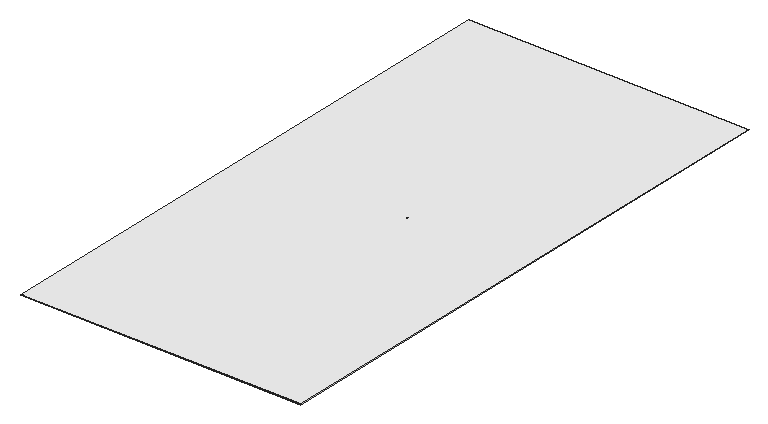
Revit family "Foundation-Barrier-StegoCrawl-Wrap-Vapor_Barrier-15mils", category Specialty Equipment, host Face, Revit 2020
Family settings
  Host = Face
  Round Connector Dimension = Use Diameter
  Part Type = Normal
  OmniClass Number = 23.25.05.21
  OmniClass Title = Special Foundations
  Cut with Voids When Loaded = No
  Shared = No
  Room Calculation Point = No
Parameters (values of type "StegoCrawl® Wrap Perimeter Vapor Barrier 15 mils")
  Youtube clip = "https://www.youtube.com/watch?v=kRCDWuBWivQ"
  Width Max Validate [instance] = if(Width > 14' 0", 14' 0", Width)  # 5' - 0"
  Width [instance] = 5' - 0"
  Weight Net (Kg) = "0"
  Vapor Barrier Thickness = "15 mils"
  Uniformat II Description = ""
  Uniformat II Code = ""
  Uniclass 2015 Name = ""
  Uniclass 2015 Code = ""
  Uniclass 2.0 Description = ""
  Uniclass 2.0 Code = ""
  Uniclass 1.4 Description = ""
  Uniclass 1.4 Code = ""
  URL = "http://www.stegoindustries.com"
  UNSPSC Code = ""
  Type Comments = ""
  Technical description = "Crawl Space Vapor Barrier"
  Stego Vapor Barrier = StegoCrawl® Wrap Vapor Barrier - 15 mils
  Region South America = "CL, PE"
  Region Oceania = "AU, NZ"
  Region North America = "AG, AI, AW, BB, BL, BM, BQ, BS, BZ, CA, CR, CU, CW, DM, DO, GD, GL, GP, GT, HN, HT, JM, KN, KY, LC, MF, MQ, MS, MX, NI, PA, PM, PR, SV, SX, TC, TT, US, VC, VG, VI"
  Region Middle East = "None"
  Region Europe = "None"
  Region Asia = "None"
  Region Antarctica = "None"
  Region Africa = "None"
  QR code = "http://bimobject.com/stego-industries/product/stego007"
  Product url = "https://www.stegoindustries.com/products/stego-crawl-wrap"
  Product group = "StegoCrawl Wrap"
  Product family = "Thermal and Moisture Protective Products"
  Product data url = "https://bimobject.com/stego-industries/product/stego007"
  Product certification = "https://www.stegoindustries.com/contact-us/technical-assistance"
  Product SKU = "stego007"
  Product Page URL = "https://www.stegoindustries.com/products/stego-crawl-wrap"
  Product Guid = "1772a7ce-c4bf-4fda-9263-4d059c3fc038"
  Product Documentation Link = "https://www.stegoindustries.com/hubfs/Data-Sheets/StegoCrawl-Wrap-Vapor-Barrier-Data-Sheet%20.pdf"
  OmniClass Description = ""
  OmniClass Code = ""
  Nominal width = 0' - 0"
  Nominal height = 0' - 0"
  NBS Reference Description = ""
  NBS Reference Code = ""
  Model = "StegoCrawl® Wrap Perimeter Vapor Barrier (15 mils) 2468"
  Max Length Note = "Maximum roll length is 200'."
  Material secondary = ""
  Material main = "Polyethylene"
  Masterformat 2014 Description = "Vapor Retarders"
  Masterformat 2014 Code = "07 26 00"
  Manufacturer name = "Stego Industries, LLC"
  Manufacturer country = "United States"
  Manufacturer = "Stego Industries, LLC"  # constant formula
  Low Emitting Material = yes
  Length [instance] = 10' - 0"
  Installation instructions = "https://www.stegoindustries.com/hubfs/Installation/StegoCrawl-Installation-Instructions.pdf"
  IFC Classification = ""
  Edition number = 1
  EAN code = ""
  Design country = "United States"
  Description = "StegoCrawl® Wrap Perimeter Vapor Barrier utilizes the same industry-leading technology as Stego Wrap Vapor Barrier, but is specifically created for use in crawl spaces. StegoCrawl Wrap 15-Mil Vapor Barrier is a Class I vapor retarder as defined by the 2009 IRC R601.3, and it is used to encapsulate crawl space floors and walls to protect the building envelope from moisture vapor and soil gas transmission.  StegoCrawl Wrap is a multi-layer plastic extrusion manufactured with only the highest grade of prime, virgin polyolefin resins.  This product is 14' x 100' -- a lighter, easier-to-carry roll than our commercial-grade rolls for horizontal placement."
  Default Elevation = 0' - 0"
  Date of publishing = "8/16/2017"
  COBIe Type Category = ""
  Brand url = "http://www.stegoindustries.com"
  BIMobject category = "Waterproofing & Membranes"
  ASTM = "Meets ASTM E1745 Requirements\r\nMeets ASTM E1745 Requirements\r\nMeets ASTM E1745 Requirements"
Types (2): name | Width Max Validate | Width | Stego Vapor Barrier | QR code | Product data url | Product SKU | Model | Max Length Note | Description | ASTM
  StegoCrawl® Wrap Vapor Barrier 15 mils | 14' - 0" | 14' - 0" | none | "http://bimobject.com/stego-industries/product/stego005" | "https://bimobject.com/stego-industries/product/stego005" | "stego005" | "StegoCrawl® Wrap Vapor Barrier (15 mils) 1233" | "Maximum roll length is 100'." | "StegoCrawl® Wrap Vapor Barrier utilizes the same industry-leading technology as Stego Wrap Vapor Barrier, but is specifically created for use in crawl spaces.  StegoCrawl Wrap 15-Mil Vapor Barrier is a Class I vapor retarder as defined by the 2009 IRC R601.3, and it is used to encapsulate crawl space floors and walls to protect the building envelope from moisture vapor and soil gas transmission.  StegoCrawl Wrap is a multi-layer plastic extrusion manufactured with only the highest grade of prime, virgin polyolefin resins." | "Meets ASTM E1745 Requirements"
  StegoCrawl® Wrap Perimeter Vapor Barrier 15 mils | 5' - 0" | 5' - 0" | StegoCrawl® Wrap Vapor Barrier - 15 mils | "http://bimobject.com/stego-industries/product/stego007" | "https://bimobject.com/stego-industries/product/stego007" | "stego007" | "StegoCrawl® Wrap Perimeter Vapor Barrier (15 mils) 2468" | "Maximum roll length is 200'." | "StegoCrawl® Wrap Perimeter Vapor Barrier utilizes the same industry-leading technology as Stego Wrap Vapor Barrier, but is specifically created for use in crawl spaces. StegoCrawl Wrap 15-Mil Vapor Barrier is a Class I vapor retarder as defined by the 2009 IRC R601.3, and it is used to encapsulate crawl space floors and walls to protect the building envelope from moisture vapor and soil gas transmission.  StegoCrawl Wrap is a multi-layer plastic extrusion manufactured with only the highest grade of prime, virgin polyolefin resins.  This product is 14' x 100' -- a lighter, easier-to-carry roll than our commercial-grade rolls for horizontal placement." | "Meets ASTM E1745 Requirements\r\nMeets ASTM E1745 Requirements\r\nMeets ASTM E1745 Requirements"
Reference planes (in)
  plane 1 "Center (Front/Back)": y = 0
  plane 2: z = 0
  plane 3 "Center (Left/Right)": x = 0
  plane 4: x = -84
  plane 5: x = 84
  plane 6: y = 60
  plane 7: x = -24
  plane 8 "Start Roll Length": y = 60
  plane 9 "Left Vapor Barrier": x = -30
  plane 10 "Right Vapor Barrier": x = 30
  plane 11: y = -60
  plane 12: x = 24
Forms (in)
  Extrusion 1, solid
    sketch origin (0, 0, 0) x (1, 0, 0) y (0, 1, 0)
      loop
        line (4.0756, 1) -> (4.0756, 0.95623) -> (4.14801, 0.95623) -> (4.14801, 1) -> (4.0756, 1)
    from 0 to 0.0625
  Extrusion 2, solid, material "StegoCrawl® Wrap Vapor Barrier - 15 mils" <- "Stego Vapor Barrier"
    sketch origin (0, 0, 0) x (1, 0, 0) y (0, 1, 0)
      loop
        line (-30, -60) -> (30, -60) -> (30, 60) -> (-30, 60) -> (-30, -60)
    from 0 to 0.0625
Lines and regions (in)
  Masking region 1
    outline origin (0, 0, 0) x (1, 0, 0) y (0, 1, 0)
      loop
        line (-30, 60) -> (-30, -60) -> (30, -60) -> (30, 60) -> (-30, 60)
  Masking region 2
    outline origin (0, 0, 0) x (1, 0, 0) y (0, 0, 1)
      loop
        line (-30, 0.0625) -> (-30, 0) -> (30, 0) -> (30, 0.0625) -> (-30, 0.0625)
  Masking region 3
    outline origin (0, 0, 0) x (0, 1, 0) y (0, 0, 1)
      loop
        line (60, 0.0625) -> (-60, 0.0625) -> (-60, 0) -> (60, 0) -> (60, 0.0625)
  model lines, style "InvisibleLines", detail levels medium+fine
    curve 1: line (-24, 60, 0) -> (-24, -60, 0)
    curve 2: line (24, 60, 0) -> (24, -60, 0)
Dimensions and locks (in)
  equal spacing: plane 4, plane 3 "Center (Left/Right)", plane 5
  equal spacing: plane 9 "Left Vapor Barrier", plane 3 "Center (Left/Right)", plane 10 "Right Vapor Barrier"
  "Width Max Validate": plane 9 "Left Vapor Barrier" to plane 10 "Right Vapor Barrier"
  locked: plane 9 "Left Vapor Barrier" to plane 7 at 6
  "Length": plane 8 "Start Roll Length" to plane 11
  locked: plane 12 to plane 10 "Right Vapor Barrier" at 6
  aligned and locked: plane 2 to Extrusion 1
  aligned and locked: level to Extrusion 1
  aligned and locked: Extrusion 2 sketch curve to plane 11
  aligned and locked: Extrusion 2 sketch curve to plane 9 "Left Vapor Barrier"
  aligned and locked: plane 8 "Start Roll Length" to Extrusion 2 sketch curve
  aligned and locked: plane 10 "Right Vapor Barrier" to Extrusion 2 sketch curve
  aligned and locked: curve 1 to plane 7
  aligned and locked: plane 11 to curve 1
  aligned and locked: plane 8 "Start Roll Length" to curve 1
  aligned and locked: curve 2 to plane 12
  aligned and locked: plane 11 to curve 2
  aligned and locked: plane 8 "Start Roll Length" to curve 2
  aligned and locked: Masking region 1 sketch curve to Extrusion 2  (x4)
  aligned and locked: Masking region 2 sketch curve to Extrusion 2  (x4)
  aligned and locked: Masking region 3 sketch curve to Extrusion 2  (x3)
  aligned and locked: Masking region 3 sketch curve to curve 1
Automatic sketch dimensions
  Extrusion 1 sketch curve to Extrusion 1 sketch curve = 0' - 0.07241"
  Extrusion 1 sketch curve to Extrusion 1 sketch curve = 0' - 0.04377"
